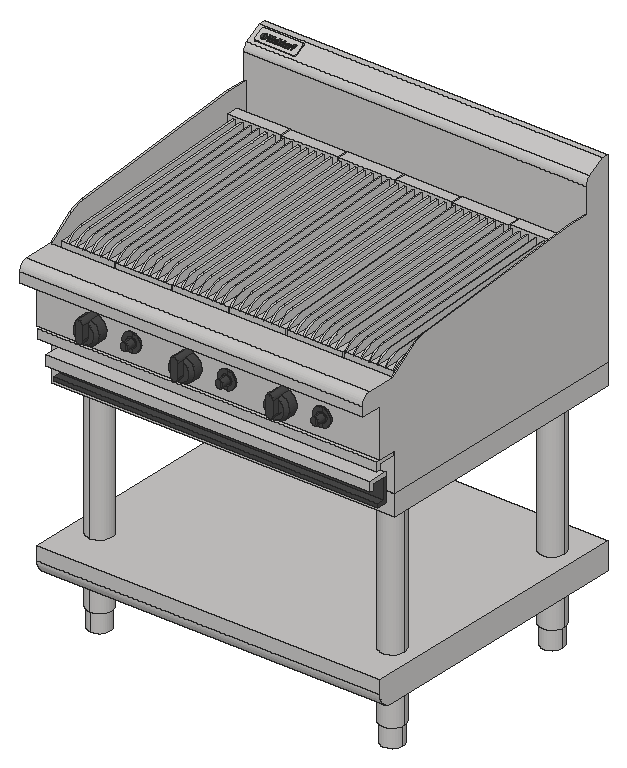
Revit family "QF_MOFFAT WALDORF_CH8900G-LS", category Specialty Equipment, Revit 2012 (continued)
Automatic sketch dimensions
  Extrusion 24 sketch curve to plane 6 "TOP" = 265.155 mm
  Extrusion 24 sketch curve to plane 6 "TOP" = 219.636 mm
  Extrusion 24 sketch curve to Extrusion 24 sketch curve = 52.486 mm
  Extrusion 25 sketch curve to plane 5 "FRONT" = 128 mm
  Extrusion 25 sketch curve to Extrusion 25 sketch curve = 46.148 mm
  Extrusion 25 sketch curve to Extrusion 25 sketch curve = 4.114 mm
  plane 1 "BACK" to Extrusion 25 sketch curve = 132 mm
  Extrusion 25 sketch curve to plane 6 "TOP" = 265.155 mm
  Extrusion 25 sketch curve to plane 6 "TOP" = 219.636 mm
  Extrusion 25 sketch curve to Extrusion 25 sketch curve = 52.486 mm
  Extrusion 26 sketch curve to plane 5 "FRONT" = 128 mm
  Extrusion 26 sketch curve to Extrusion 26 sketch curve = 46.148 mm
  Extrusion 26 sketch curve to Extrusion 26 sketch curve = 4.114 mm
  plane 1 "BACK" to Extrusion 26 sketch curve = 132 mm
  Extrusion 26 sketch curve to plane 6 "TOP" = 265.155 mm
  Extrusion 26 sketch curve to plane 6 "TOP" = 219.636 mm
  Extrusion 26 sketch curve to Extrusion 26 sketch curve = 52.486 mm
  Extrusion 27 sketch curve to plane 5 "FRONT" = 128 mm
  Extrusion 27 sketch curve to Extrusion 27 sketch curve = 46.148 mm
  Extrusion 27 sketch curve to Extrusion 27 sketch curve = 50.262 mm
  plane 1 "BACK" to Extrusion 27 sketch curve = 132 mm
  Extrusion 27 sketch curve to plane 6 "TOP" = 265.155 mm
  Extrusion 27 sketch curve to plane 6 "TOP" = 219.636 mm
  Extrusion 27 sketch curve to Extrusion 27 sketch curve = 52.486 mm
  Extrusion 28 sketch curve to plane 5 "FRONT" = 128 mm
  Extrusion 28 sketch curve to Extrusion 28 sketch curve = 46.148 mm
  Extrusion 28 sketch curve to Extrusion 28 sketch curve = 4.114 mm
  plane 1 "BACK" to Extrusion 28 sketch curve = 132 mm
  Extrusion 28 sketch curve to plane 6 "TOP" = 265.155 mm
  Extrusion 28 sketch curve to plane 6 "TOP" = 219.636 mm
  Extrusion 28 sketch curve to Extrusion 28 sketch curve = 52.486 mm
  Extrusion 29 sketch curve to plane 5 "FRONT" = 128 mm
  Extrusion 29 sketch curve to Extrusion 29 sketch curve = 46.148 mm
  Extrusion 29 sketch curve to Extrusion 29 sketch curve = 50.262 mm
  plane 1 "BACK" to Extrusion 29 sketch curve = 132 mm
  Extrusion 29 sketch curve to plane 6 "TOP" = 265.155 mm
  Extrusion 29 sketch curve to plane 6 "TOP" = 219.636 mm
  Extrusion 29 sketch curve to Extrusion 29 sketch curve = 52.486 mm
  Extrusion 30 sketch curve to plane 5 "FRONT" = 128 mm
  Extrusion 30 sketch curve to Extrusion 30 sketch curve = 46.148 mm
  Extrusion 30 sketch curve to Extrusion 30 sketch curve = 50.262 mm
  plane 1 "BACK" to Extrusion 30 sketch curve = 132 mm
  Extrusion 30 sketch curve to plane 6 "TOP" = 265.155 mm
  Extrusion 30 sketch curve to plane 6 "TOP" = 219.636 mm
  Extrusion 30 sketch curve to Extrusion 30 sketch curve = 52.486 mm
  Extrusion 31 sketch curve to plane 5 "FRONT" = 128 mm
  Extrusion 31 sketch curve to Extrusion 31 sketch curve = 46.148 mm
  Extrusion 31 sketch curve to Extrusion 31 sketch curve = 4.114 mm
  plane 1 "BACK" to Extrusion 31 sketch curve = 132 mm
  Extrusion 31 sketch curve to plane 6 "TOP" = 265.155 mm
  Extrusion 31 sketch curve to plane 6 "TOP" = 219.636 mm
  Extrusion 31 sketch curve to Extrusion 31 sketch curve = 52.486 mm
  Extrusion 32 sketch curve to plane 5 "FRONT" = 128 mm
  Extrusion 32 sketch curve to Extrusion 32 sketch curve = 46.148 mm
  Extrusion 32 sketch curve to Extrusion 32 sketch curve = 50.262 mm
  plane 1 "BACK" to Extrusion 32 sketch curve = 132 mm
  Extrusion 32 sketch curve to plane 6 "TOP" = 265.155 mm
  Extrusion 32 sketch curve to plane 6 "TOP" = 219.636 mm
  Extrusion 32 sketch curve to Extrusion 32 sketch curve = 52.486 mm
  Extrusion 33 sketch curve to plane 5 "FRONT" = 128 mm
  Extrusion 33 sketch curve to Extrusion 33 sketch curve = 46.148 mm
  Extrusion 33 sketch curve to Extrusion 33 sketch curve = 4.114 mm
  plane 1 "BACK" to Extrusion 33 sketch curve = 132 mm
  Extrusion 33 sketch curve to plane 6 "TOP" = 265.155 mm
  Extrusion 33 sketch curve to plane 6 "TOP" = 219.636 mm
  Extrusion 33 sketch curve to Extrusion 33 sketch curve = 52.486 mm
  Extrusion 34 sketch curve to plane 5 "FRONT" = 128 mm
  Extrusion 34 sketch curve to Extrusion 34 sketch curve = 46.148 mm
  Extrusion 34 sketch curve to Extrusion 34 sketch curve = 4.114 mm
  plane 1 "BACK" to Extrusion 34 sketch curve = 132 mm
  Extrusion 34 sketch curve to plane 6 "TOP" = 265.155 mm
  Extrusion 34 sketch curve to Extrusion 34 sketch curve = 45.518 mm
  Extrusion 34 sketch curve to Extrusion 34 sketch curve = 52.486 mm
  Extrusion 35 sketch curve to plane 5 "FRONT" = 128 mm
  Extrusion 35 sketch curve to Extrusion 35 sketch curve = 46.148 mm
  Extrusion 35 sketch curve to Extrusion 35 sketch curve = 50.262 mm
  plane 1 "BACK" to Extrusion 35 sketch curve = 132 mm
  Extrusion 35 sketch curve to plane 6 "TOP" = 265.155 mm
  Extrusion 35 sketch curve to plane 6 "TOP" = 219.636 mm
  Extrusion 35 sketch curve to Extrusion 35 sketch curve = 52.486 mm
  Extrusion 36 sketch curve to plane 5 "FRONT" = 128 mm
  Extrusion 36 sketch curve to Extrusion 36 sketch curve = 46.148 mm
  Extrusion 36 sketch curve to Extrusion 36 sketch curve = 4.114 mm
  plane 1 "BACK" to Extrusion 36 sketch curve = 132 mm
  Extrusion 36 sketch curve to plane 6 "TOP" = 265.155 mm
  Extrusion 36 sketch curve to plane 6 "TOP" = 219.636 mm
  Extrusion 36 sketch curve to Extrusion 36 sketch curve = 52.486 mm
  Extrusion 37 sketch curve to plane 5 "FRONT" = 128 mm
  Extrusion 37 sketch curve to Extrusion 37 sketch curve = 46.148 mm
  Extrusion 37 sketch curve to Extrusion 37 sketch curve = 4.114 mm
  plane 1 "BACK" to Extrusion 37 sketch curve = 132 mm
  Extrusion 37 sketch curve to plane 6 "TOP" = 265.155 mm
  Extrusion 37 sketch curve to plane 6 "TOP" = 219.636 mm
  Extrusion 37 sketch curve to Extrusion 37 sketch curve = 52.486 mm
  Extrusion 38 sketch curve to plane 5 "FRONT" = 128 mm
  Extrusion 38 sketch curve to Extrusion 38 sketch curve = 46.148 mm
  Extrusion 38 sketch curve to Extrusion 38 sketch curve = 50.262 mm
  plane 1 "BACK" to Extrusion 38 sketch curve = 132 mm
  Extrusion 38 sketch curve to plane 6 "TOP" = 265.155 mm
  Extrusion 38 sketch curve to plane 6 "TOP" = 219.636 mm
  Extrusion 38 sketch curve to Extrusion 38 sketch curve = 52.486 mm
  Extrusion 39 sketch curve to plane 5 "FRONT" = 128 mm
  Extrusion 39 sketch curve to Extrusion 39 sketch curve = 46.148 mm
  Extrusion 39 sketch curve to Extrusion 39 sketch curve = 50.262 mm
  plane 1 "BACK" to Extrusion 39 sketch curve = 132 mm
  Extrusion 39 sketch curve to plane 6 "TOP" = 265.155 mm
  Extrusion 39 sketch curve to plane 6 "TOP" = 219.636 mm
  Extrusion 39 sketch curve to Extrusion 39 sketch curve = 52.486 mm
  Extrusion 40 sketch curve to plane 5 "FRONT" = 128 mm
  Extrusion 40 sketch curve to Extrusion 40 sketch curve = 46.148 mm
  Extrusion 40 sketch curve to Extrusion 40 sketch curve = 4.114 mm
  plane 1 "BACK" to Extrusion 40 sketch curve = 132 mm
  Extrusion 40 sketch curve to plane 6 "TOP" = 265.155 mm
  Extrusion 40 sketch curve to plane 6 "TOP" = 219.636 mm
  Extrusion 40 sketch curve to Extrusion 40 sketch curve = 52.486 mm
  plane 1 "BACK" to Extrusion 41 sketch curve = 32 mm
  Extrusion 42 sketch curve to plane 5 "FRONT" = 81 mm
  Extrusion 42 sketch curve to Extrusion 42 sketch curve = 20 mm
  Extrusion 42 sketch curve to Extrusion 42 sketch curve = 18.654 mm
  level to Extrusion 42 sketch curve = 608.047 mm
  Extrusion 42 sketch curve to Extrusion 42 sketch curve = 10 mm
  Extrusion 42 sketch curve to Extrusion 42 sketch curve = 53.75 mm
  Extrusion 43 sketch curve to plane 5 "FRONT" = 53.73 mm
  Extrusion 43 sketch curve to Extrusion 43 sketch curve = 10 mm  (x2)
  Extrusion 43 sketch curve to Extrusion 43 sketch curve = 42.27 mm
  level to Extrusion 43 sketch curve = 711.219 mm
  Extrusion 43 sketch curve to Extrusion 43 sketch curve = 15 mm
  Split face 12 sketch curve to cut or joined group of Extrusion 1, Extrusion 6, Extrusion 7 = 1.25 mm
  Split face 12 sketch curve to cut or joined group of Extrusion 1, Extrusion 6, Extrusion 7 = 24.993 mm
  cut or joined group of Extrusion 1, Extrusion 6, Extrusion 7 to Split face 12 sketch curve = 1.25 mm
  Split face 12 sketch curve to cut or joined group of Extrusion 1, Extrusion 6, Extrusion 7 = 25.12 mm
  Extrusion 44 sketch curve to plane 5 "FRONT" = 53.73 mm
  Extrusion 44 sketch curve to Extrusion 44 sketch curve = 10 mm  (x2)
  Extrusion 44 sketch curve to Extrusion 44 sketch curve = 55.924 mm
  level to Extrusion 44 sketch curve = 656.797 mm
  Extrusion 44 sketch curve to Extrusion 44 sketch curve = 15 mm
  Extrusion 45 sketch curve to plane 5 "FRONT" = 128 mm
  plane 1 "BACK" to Extrusion 45 sketch curve = 132 mm
  Extrusion 45 sketch curve to Extrusion 45 sketch curve = 30 mm
  Extrusion 45 sketch curve to plane 6 "TOP" = 255 mm
  Extrusion 45 sketch curve to Extrusion 45 sketch curve = 35.364 mm
  Extrusion 45 sketch curve to Extrusion 45 sketch curve = 59.636 mm
  Extrusion 46 sketch curve to plane 5 "FRONT" = 128 mm
  plane 1 "BACK" to Extrusion 46 sketch curve = 132 mm
  Extrusion 46 sketch curve to Extrusion 46 sketch curve = 30 mm
  Extrusion 46 sketch curve to plane 6 "TOP" = 255 mm
  Extrusion 46 sketch curve to Extrusion 46 sketch curve = 35.364 mm
  Extrusion 46 sketch curve to Extrusion 46 sketch curve = 59.636 mm
  Extrusion 47 sketch curve to plane 5 "FRONT" = 128 mm
  plane 1 "BACK" to Extrusion 47 sketch curve = 132 mm
  Extrusion 47 sketch curve to Extrusion 47 sketch curve = 30 mm
  Extrusion 47 sketch curve to plane 6 "TOP" = 255 mm
  Extrusion 47 sketch curve to Extrusion 47 sketch curve = 35.364 mm
  Extrusion 47 sketch curve to Extrusion 47 sketch curve = 59.636 mm
  Extrusion 48 sketch curve to plane 5 "FRONT" = 128 mm
  plane 1 "BACK" to Extrusion 48 sketch curve = 132 mm
  Extrusion 48 sketch curve to Extrusion 48 sketch curve = 30 mm
  Extrusion 48 sketch curve to plane 6 "TOP" = 255 mm
  Extrusion 48 sketch curve to Extrusion 48 sketch curve = 35.364 mm
  Extrusion 48 sketch curve to Extrusion 48 sketch curve = 59.636 mm
  Extrusion 49 sketch curve to plane 5 "FRONT" = 128 mm
  Extrusion 49 sketch curve to Extrusion 49 sketch curve = 46.148 mm
  Extrusion 49 sketch curve to Extrusion 49 sketch curve = 50.262 mm
  plane 1 "BACK" to Extrusion 49 sketch curve = 132 mm
  Extrusion 49 sketch curve to plane 6 "TOP" = 265.155 mm
  Extrusion 49 sketch curve to Extrusion 49 sketch curve = 45.518 mm
  Extrusion 49 sketch curve to Extrusion 49 sketch curve = 52.486 mm
  Extrusion 50 sketch curve to plane 5 "FRONT" = 128 mm
  Extrusion 50 sketch curve to Extrusion 50 sketch curve = 46.148 mm
  Extrusion 50 sketch curve to Extrusion 50 sketch curve = 50.262 mm
  plane 1 "BACK" to Extrusion 50 sketch curve = 132 mm
  Extrusion 50 sketch curve to plane 6 "TOP" = 265.155 mm
  Extrusion 50 sketch curve to plane 6 "TOP" = 219.636 mm
  Extrusion 50 sketch curve to Extrusion 50 sketch curve = 52.486 mm
  Extrusion 51 sketch curve to plane 5 "FRONT" = 128 mm
  Extrusion 51 sketch curve to Extrusion 51 sketch curve = 46.148 mm
  Extrusion 51 sketch curve to Extrusion 51 sketch curve = 4.114 mm
  plane 1 "BACK" to Extrusion 51 sketch curve = 132 mm
  Extrusion 51 sketch curve to plane 6 "TOP" = 265.155 mm
  Extrusion 51 sketch curve to plane 6 "TOP" = 219.636 mm
  Extrusion 51 sketch curve to Extrusion 51 sketch curve = 52.486 mm
  Extrusion 52 sketch curve to plane 5 "FRONT" = 128 mm
  Extrusion 52 sketch curve to Extrusion 52 sketch curve = 46.148 mm
  Extrusion 52 sketch curve to Extrusion 52 sketch curve = 4.114 mm
  plane 1 "BACK" to Extrusion 52 sketch curve = 132 mm
  Extrusion 52 sketch curve to plane 6 "TOP" = 265.155 mm
  Extrusion 52 sketch curve to plane 6 "TOP" = 219.636 mm
  Extrusion 52 sketch curve to Extrusion 52 sketch curve = 52.486 mm
  Extrusion 53 sketch curve to plane 5 "FRONT" = 128 mm
  Extrusion 53 sketch curve to Extrusion 53 sketch curve = 46.148 mm
  Extrusion 53 sketch curve to Extrusion 53 sketch curve = 4.114 mm
  plane 1 "BACK" to Extrusion 53 sketch curve = 132 mm
  Extrusion 53 sketch curve to plane 6 "TOP" = 265.155 mm
  Extrusion 53 sketch curve to plane 6 "TOP" = 219.636 mm
  Extrusion 53 sketch curve to Extrusion 53 sketch curve = 52.486 mm
  Extrusion 54 sketch curve to plane 5 "FRONT" = 128 mm
  Extrusion 54 sketch curve to Extrusion 54 sketch curve = 46.148 mm
  Extrusion 54 sketch curve to Extrusion 54 sketch curve = 4.114 mm
  plane 1 "BACK" to Extrusion 54 sketch curve = 132 mm
  Extrusion 54 sketch curve to plane 6 "TOP" = 265.155 mm
  Extrusion 54 sketch curve to plane 6 "TOP" = 219.636 mm
  Extrusion 54 sketch curve to Extrusion 54 sketch curve = 52.486 mm
  Extrusion 55 sketch curve to plane 5 "FRONT" = 128 mm
  Extrusion 55 sketch curve to Extrusion 55 sketch curve = 46.148 mm
  Extrusion 55 sketch curve to Extrusion 55 sketch curve = 4.114 mm
  plane 1 "BACK" to Extrusion 55 sketch curve = 132 mm
  Extrusion 55 sketch curve to plane 6 "TOP" = 265.155 mm
  Extrusion 55 sketch curve to plane 6 "TOP" = 219.636 mm
  Extrusion 55 sketch curve to Extrusion 55 sketch curve = 52.486 mm
  Extrusion 56 sketch curve to plane 5 "FRONT" = 128 mm
  plane 1 "BACK" to Extrusion 56 sketch curve = 132 mm
  Extrusion 56 sketch curve to Extrusion 56 sketch curve = 30 mm
  Extrusion 56 sketch curve to plane 6 "TOP" = 255 mm
  Extrusion 56 sketch curve to Extrusion 56 sketch curve = 35.364 mm
  Extrusion 56 sketch curve to Extrusion 56 sketch curve = 59.636 mm
  Extrusion 57 sketch curve to plane 5 "FRONT" = 128 mm
  Extrusion 57 sketch curve to Extrusion 57 sketch curve = 46.148 mm
  Extrusion 57 sketch curve to Extrusion 57 sketch curve = 50.262 mm
  plane 1 "BACK" to Extrusion 57 sketch curve = 132 mm
  Extrusion 57 sketch curve to plane 6 "TOP" = 265.155 mm
  Extrusion 57 sketch curve to Extrusion 57 sketch curve = 45.518 mm
  Extrusion 57 sketch curve to Extrusion 57 sketch curve = 52.486 mm
  Extrusion 58 sketch curve to plane 5 "FRONT" = 128 mm
  Extrusion 58 sketch curve to Extrusion 58 sketch curve = 46.148 mm
  Extrusion 58 sketch curve to Extrusion 58 sketch curve = 50.262 mm
  plane 1 "BACK" to Extrusion 58 sketch curve = 132 mm
  Extrusion 58 sketch curve to plane 6 "TOP" = 265.155 mm
  Extrusion 58 sketch curve to plane 6 "TOP" = 219.636 mm
  Extrusion 58 sketch curve to Extrusion 58 sketch curve = 52.486 mm
  Extrusion 59 sketch curve to plane 5 "FRONT" = 128 mm
  Extrusion 59 sketch curve to Extrusion 59 sketch curve = 46.148 mm
  Extrusion 59 sketch curve to Extrusion 59 sketch curve = 4.114 mm
  plane 1 "BACK" to Extrusion 59 sketch curve = 132 mm
  Extrusion 59 sketch curve to plane 6 "TOP" = 265.155 mm
  Extrusion 59 sketch curve to plane 6 "TOP" = 219.636 mm
  Extrusion 59 sketch curve to Extrusion 59 sketch curve = 52.486 mm
  Extrusion 60 sketch curve to plane 5 "FRONT" = 128 mm
  Extrusion 60 sketch curve to Extrusion 60 sketch curve = 46.148 mm
  Extrusion 60 sketch curve to Extrusion 60 sketch curve = 4.114 mm
  plane 1 "BACK" to Extrusion 60 sketch curve = 132 mm
  Extrusion 60 sketch curve to plane 6 "TOP" = 265.155 mm
  Extrusion 60 sketch curve to plane 6 "TOP" = 219.636 mm
  Extrusion 60 sketch curve to Extrusion 60 sketch curve = 52.486 mm
  Extrusion 61 sketch curve to plane 5 "FRONT" = 128 mm
  Extrusion 61 sketch curve to Extrusion 61 sketch curve = 46.148 mm
  Extrusion 61 sketch curve to Extrusion 61 sketch curve = 4.114 mm
  plane 1 "BACK" to Extrusion 61 sketch curve = 132 mm
  Extrusion 61 sketch curve to plane 6 "TOP" = 265.155 mm
  Extrusion 61 sketch curve to plane 6 "TOP" = 219.636 mm
  Extrusion 61 sketch curve to Extrusion 61 sketch curve = 52.486 mm
  Extrusion 62 sketch curve to plane 5 "FRONT" = 128 mm
  Extrusion 62 sketch curve to Extrusion 62 sketch curve = 46.148 mm
  Extrusion 62 sketch curve to Extrusion 62 sketch curve = 4.114 mm
  plane 1 "BACK" to Extrusion 62 sketch curve = 132 mm
  Extrusion 62 sketch curve to plane 6 "TOP" = 265.155 mm
  Extrusion 62 sketch curve to plane 6 "TOP" = 219.636 mm
  Extrusion 62 sketch curve to Extrusion 62 sketch curve = 52.486 mm
  Extrusion 63 sketch curve to plane 5 "FRONT" = 128 mm
  Extrusion 63 sketch curve to Extrusion 63 sketch curve = 46.148 mm
  Extrusion 63 sketch curve to Extrusion 63 sketch curve = 4.114 mm
  plane 1 "BACK" to Extrusion 63 sketch curve = 132 mm
  Extrusion 63 sketch curve to plane 6 "TOP" = 265.155 mm
  Extrusion 63 sketch curve to plane 6 "TOP" = 219.636 mm
  Extrusion 63 sketch curve to Extrusion 63 sketch curve = 52.486 mm
  Extrusion 64 sketch curve to plane 5 "FRONT" = 128 mm
  plane 1 "BACK" to Extrusion 64 sketch curve = 132 mm
  Extrusion 64 sketch curve to Extrusion 64 sketch curve = 30 mm
  Extrusion 64 sketch curve to plane 6 "TOP" = 255 mm
  Extrusion 64 sketch curve to Extrusion 64 sketch curve = 35.364 mm
  Extrusion 64 sketch curve to Extrusion 64 sketch curve = 59.636 mm
  Extrusion 1 to Split face 13 sketch curve = 1.962 mm
  Split face 13 sketch curve to Extrusion 1 = 14.14 mm
  Split face 13 sketch curve to Extrusion 1 = 426.534 mm
  Split face 13 sketch curve to Split face 13 sketch curve = 20 mm
  Extrusion 1 to Split face 14 sketch curve = 1.962 mm
  Split face 14 sketch curve to Extrusion 1 = 14.14 mm
  Split face 14 sketch curve to Extrusion 1 = 446.466 mm
  Split face 14 sketch curve to Split face 14 sketch curve = 20 mm
  Extrusion 1 to Split face 15 sketch curve = 1.962 mm
  Split face 15 sketch curve to Extrusion 1 = 14.14 mm
  Split face 15 sketch curve to Extrusion 1 = 419.466 mm
  Split face 15 sketch curve to Split face 15 sketch curve = 20 mm
  Extrusion 1 to Split face 16 sketch curve = 1.962 mm
  Split face 16 sketch curve to Extrusion 1 = 14.14 mm
  Split face 16 sketch curve to Extrusion 1 = 392.466 mm
  Split face 16 sketch curve to Split face 16 sketch curve = 20 mm
  Extrusion 1 to Split face 17 sketch curve = 1.962 mm
  Split face 17 sketch curve to Extrusion 1 = 14.14 mm
  Split face 17 sketch curve to Extrusion 1 = 365.466 mm
  Split face 17 sketch curve to Split face 17 sketch curve = 20 mm
  Extrusion 1 to Split face 18 sketch curve = 1.962 mm
  Split face 18 sketch curve to Extrusion 1 = 14.14 mm
  Split face 18 sketch curve to Extrusion 1 = 338.466 mm
  Split face 18 sketch curve to Split face 18 sketch curve = 20 mm
  Extrusion 1 to Split face 19 sketch curve = 1.962 mm
  Split face 19 sketch curve to Extrusion 1 = 14.14 mm
  Split face 19 sketch curve to Extrusion 1 = 311.466 mm
  Split face 19 sketch curve to Split face 19 sketch curve = 20 mm
  Extrusion 1 to Split face 20 sketch curve = 1.962 mm
  Split face 20 sketch curve to Extrusion 1 = 14.14 mm
  Split face 20 sketch curve to Extrusion 1 = 284.466 mm
  Split face 20 sketch curve to Split face 20 sketch curve = 20 mm
  Extrusion 1 to Split face 21 sketch curve = 1.962 mm
  Split face 21 sketch curve to Extrusion 1 = 14.14 mm
  Split face 21 sketch curve to Extrusion 1 = 257.466 mm
  Split face 21 sketch curve to Split face 21 sketch curve = 20 mm
  Extrusion 1 to Split face 22 sketch curve = 1.962 mm
  Split face 22 sketch curve to Extrusion 1 = 14.14 mm
  Split face 22 sketch curve to Extrusion 1 = 230.466 mm
  Split face 22 sketch curve to Split face 22 sketch curve = 20 mm
  Extrusion 1 to Split face 23 sketch curve = 1.962 mm
  Split face 23 sketch curve to Extrusion 1 = 14.14 mm
  Split face 23 sketch curve to Extrusion 1 = 203.466 mm
  Split face 23 sketch curve to Split face 23 sketch curve = 20 mm
  Extrusion 1 to Split face 24 sketch curve = 1.962 mm
  Split face 24 sketch curve to Extrusion 1 = 14.14 mm
  Split face 24 sketch curve to Extrusion 1 = 176.466 mm
  Split face 24 sketch curve to Split face 24 sketch curve = 20 mm
  Extrusion 1 to Split face 25 sketch curve = 1.962 mm
  Split face 25 sketch curve to Extrusion 1 = 14.14 mm
  Split face 25 sketch curve to Extrusion 1 = 149.466 mm
  Split face 25 sketch curve to Split face 25 sketch curve = 20 mm
  Revolve 65 sketch curve to plane 5 "FRONT" = 12 mm
  Revolve 65 sketch curve to Revolve 65 sketch curve = 0 mm  (x2)
  Revolve 65 sketch curve to Revolve 65 sketch curve = 11 mm
  Revolve 65 sketch curve to Revolve 65 sketch curve = 12.7 mm
  Revolve 65 sketch curve to Revolve 65 sketch curve = 23 mm
  Revolve 65 sketch curve to Revolve 65 sketch curve = 10 mm
  Revolve 65 sketch curve to plane 6 "TOP" = 300.5 mm
  Revolve 65 sketch curve to Revolve 65 sketch curve = 5.849 mm
  Revolve 65 sketch curve to Revolve 65 sketch curve = 27.5 mm
  Revolve 65 sketch curve to Revolve 65 sketch curve = 5 mm
  plane 7 "Center Y" to Extrusion 66 sketch curve = 218.056 mm
  Extrusion 66 sketch curve to Extrusion 66 sketch curve = 10 mm
  Extrusion 66 sketch curve to plane 6 "TOP" = 306 mm
  Extrusion 66 sketch curve to Extrusion 66 sketch curve = 35 mm
  Revolve 67 sketch curve to plane 5 "FRONT" = 20.12 mm
  Revolve 67 sketch curve to Revolve 67 sketch curve = 6.83 mm
  Revolve 67 sketch curve to Revolve 67 sketch curve = 15.2 mm
  Revolve 67 sketch curve to Revolve 67 sketch curve = 1.144 mm
  Revolve 67 sketch curve to Revolve 67 sketch curve = 3.85 mm
  Revolve 67 sketch curve to Revolve 67 sketch curve = 0 mm  (x2)
  Revolve 67 sketch curve to Revolve 67 sketch curve = 10 mm
  level to Revolve 67 sketch curve = 797 mm
  Revolve 67 sketch curve to Revolve 67 sketch curve = 5 mm
  Revolve 67 sketch curve to Revolve 67 sketch curve = 4.825 mm
  Revolve 67 sketch curve to Revolve 67 sketch curve = 3.025 mm
  Revolve 67 sketch curve to Revolve 67 sketch curve = 11.15 mm
  Extrusion 1 sketch curve to Extrusion 1 sketch curve = 38 mm
  level to Extrusion 1 sketch curve = 150 mm
  Extrusion 1 sketch curve to Extrusion 1 sketch curve = 34.5 mm
  Revolve 2 sketch curve to level = 0 mm
  level to Revolve 2 sketch curve = 50 mm
  Revolve 2 sketch curve to Revolve 2 sketch curve = 0 mm
  Revolve 2 sketch curve to Revolve 2 sketch curve = 100 mm
  level to Revolve 2 sketch curve = 222.5 mm
  Revolve 2 sketch curve to Revolve 2 sketch curve = 362.5 mm
  Revolve 2 sketch curve to Revolve 2 sketch curve = 55 mm
  plane 4 "RIGHT" to Revolve 2 sketch curve = 97.25 mm
  plane 4 "RIGHT" to Revolve 2 sketch curve = 65.5 mm
  Revolve 3 sketch curve to level = 0 mm
  level to Revolve 3 sketch curve = 50 mm
  Revolve 3 sketch curve to Revolve 3 sketch curve = 0 mm
  Revolve 3 sketch curve to Revolve 3 sketch curve = 172.5 mm
  Revolve 3 sketch curve to Revolve 3 sketch curve = 435 mm
  Revolve 3 sketch curve to Revolve 3 sketch curve = 55 mm
  plane 4 "RIGHT" to Revolve 3 sketch curve = 65.5 mm
  Revolve 3 sketch curve to Revolve 3 sketch curve = 72.5 mm
  Revolve 3 sketch curve to Revolve 3 sketch curve = 31.75 mm
  Revolve 4 sketch curve to level = 0 mm
  Revolve 4 sketch curve to plane 5 "FRONT" = 180 mm
  level to Revolve 4 sketch curve = 50 mm
  Revolve 4 sketch curve to Revolve 4 sketch curve = 0 mm  (x2)
  Revolve 4 sketch curve to Revolve 4 sketch curve = 27.5 mm
  Revolve 4 sketch curve to Revolve 4 sketch curve = 31.75 mm  (x2)
  Revolve 4 sketch curve to plane 5 "FRONT" = 148.25 mm
  Revolve 4 sketch curve to Revolve 4 sketch curve = 55 mm
  Revolve 4 sketch curve to Revolve 4 sketch curve = 100 mm
  Revolve 4 sketch curve to Revolve 4 sketch curve = 72.5 mm
  Revolve 4 sketch curve to Revolve 4 sketch curve = 362.5 mm
  Revolve 5 sketch curve to level = 0 mm
  plane 1 "BACK" to Revolve 5 sketch curve = 100 mm  (x2)
  level to Revolve 5 sketch curve = 50 mm
  Revolve 5 sketch curve to Revolve 5 sketch curve = 27.5 mm
  Revolve 5 sketch curve to Revolve 5 sketch curve = 31.75 mm  (x2)
  plane 1 "BACK" to Revolve 5 sketch curve = 131.75 mm
  Revolve 5 sketch curve to Revolve 5 sketch curve = 55 mm
  Revolve 5 sketch curve to Revolve 5 sketch curve = 0 mm
  Revolve 5 sketch curve to Revolve 5 sketch curve = 100 mm
  Revolve 5 sketch curve to Revolve 5 sketch curve = 72.5 mm
  Revolve 5 sketch curve to Revolve 5 sketch curve = 362.5 mm
  radius of Extrusion 41 sketch curve = 13.5 mm
Nested families
  nested 1: "WALDORF LOGO_FACE BASE" at (12.5, -23.079, 1126.202) x (1, 0, 0) z (0, -0.5, 0.866), visible <- "Show Logo", type "WALDORF LOGO_FACE BASE", detail levels medium+fine
    with Show Logo yes
Connectors
  piping at (216, -32, 555)
    settings: on Extrusion 41, index 1, connector radius 0.37402", flow factor 0, pipe flow 0 GPM, pressure drop 0.00 psi, fitting loss kfactor 0, connector angle 0.00°, fixture units 0, engagement length 0 mm, flow configuration 1, flow direction 1, fitting loss method 0, system type 7, joint type 0, gender type 0, connector reference index -1, connector utility 0, adjustable connector no, is connector primary yes, fitting loss table "", connector description "GAS CONNECTION"
Definition of nested family "WALDORF LOGO_FACE BASE"
  Parameters (values of type "WALDORF LOGO_FACE BASE")
    Show Logo [instance] = yes
    Default Elevation = 1219.2 mm
  Reference planes
    plane 1 "Center (Front/Back)": y = 0
    plane 2: z = 0
    plane 3 "Center (Left/Right)": x = 0
  Forms (mm)
    Extrusion 1, solid
      sketch origin (0, 0, 0) x (1, 0, 0) y (0, 1, 0)
        loop
          line (-1219.2, 1219.2) -> (-1219.2, -1219.2) -> (1219.2, -1219.2) -> (1219.2, 1219.2) -> (-1219.2, 1219.2)
      from 0 to -304.8
    Extrusion 2, solid, material "QF_Finishes_Stainless Steel", visible <- "Show Logo"
      sketch origin (0, -33.217, 0) x (1, 0, 0) y (0, 1, 0)
        loop
          arc (5, 34.14) -> (1.464, 32.676) -> (0, 29.14) r 5
          line (0, 29.14) -> (0, 5)
          arc (0, 5) -> (1.464, 1.464) -> (5, 0) r 5
          line (5, 0) -> (104, 0)
          arc (104, 0) -> (107.536, 1.464) -> (109, 5) r 5
          line (109, 5) -> (109, 29.14)
          arc (109, 29.14) -> (107.536, 32.676) -> (104, 34.14) r 5
          line (104, 34.14) -> (5, 34.14)
      from 0 to 1.588
    Extrusion 3, solid, material "QF_Finishes_Black", visible <- "Show Logo"
      sketch origin (0, -33.217, 1.588) x (1, 0, 0) y (0, 1, 0)
        loop
          line (24.772, 23.214) -> (27.992, 10.301) -> (31.551, 10.301) -> (33.443, 17.364) -> (35.205, 10.301) -> (39.332, 10.301) -> (42.077, 23.214) -> (38.352, 23.214) -> (36.676, 15.33) -> (35, 23.214) -> (31.752, 23.214) -> (30.076, 15.33) -> (28.4, 23.214) -> (24.772, 23.214)
        loop
          line (42.272, 17.055) -> (45.703, 17.055)
          spline (45.703, 17.055) -> (45.741, 17.285) -> (45.852, 17.499) -> (46.028, 17.682) -> (46.258, 17.823) -> (46.526, 17.912) -> (46.813, 17.942) -> (47.1, 17.912) -> (47.368, 17.823) -> (47.597, 17.682) -> (47.774, 17.499) -> (47.884, 17.285) -> (47.922, 17.055)
          line (47.922, 17.055) -> (47.922, 16.222)
          arc (47.922, 16.222) -> (45.742, 16.014) -> (43.665, 15.317) r 9.604
          arc (43.665, 15.317) -> (41.924, 12.809) -> (43.665, 10.301) r 2.677
          arc (43.665, 10.301) -> (45.527, 10.353) -> (47.332, 10.816) r 8.365
          line (47.332, 10.816) -> (48.092, 11.105) -> (48.092, 10.301) -> (51.817, 10.301) -> (51.817, 17.055)
          spline (51.817, 17.055) -> (51.654, 17.821) -> (51.178, 18.535) -> (50.419, 19.148) -> (49.431, 19.619) -> (48.28, 19.914) -> (47.044, 20.015) -> (45.809, 19.914) -> (44.658, 19.619) -> (43.67, 19.148) -> (42.911, 18.535) -> (42.434, 17.821) -> (42.272, 17.055)
        loop
          line (53.151, 23.214) -> (53.151, 10.301) -> (57.37, 10.301) -> (57.37, 23.214) -> (53.151, 23.214)
        loop
          line (64.874, 23.214) -> (64.874, 18.857)
          arc (64.874, 18.857) -> (58.083, 15.11) -> (64.874, 11.363) r 4.429
          line (64.874, 11.363) -> (64.874, 10.301) -> (68.378, 10.301) -> (68.378, 23.214) -> (64.874, 23.214)
        loop
          arc (64.874, 16.083) -> (61.41, 14.987) -> (64.874, 13.891) r 1.905
          line (64.874, 13.891) -> (64.874, 16.083)
        loop
          circle (74.623, 15.223) r 5
        loop
          spline (74.623, 17.856) -> (74.355, 17.766) -> (74.105, 17.503) -> (73.891, 17.084) -> (73.726, 16.539) -> (73.623, 15.904) -> (73.588, 15.223) -> (73.623, 14.541) -> (73.726, 13.906) -> (73.891, 13.361) -> (74.105, 12.942) -> (74.355, 12.679) -> (74.623, 12.59)
          spline (74.623, 12.59) -> (74.891, 12.679) -> (75.141, 12.942) -> (75.355, 13.361) -> (75.52, 13.906) -> (75.623, 14.541) -> (75.659, 15.223) -> (75.623, 15.904) -> (75.52, 16.539) -> (75.355, 17.084) -> (75.141, 17.503) -> (74.891, 17.766) -> (74.623, 17.856)
        loop
          line (81.255, 19.813) -> (81.255, 10.301) -> (84.834, 10.301) -> (84.834, 14.176)
          arc (84.834, 14.176) -> (85.854, 16.093) -> (88.013, 16.32) r 2.313
          line (88.013, 16.32) -> (88.013, 19.813) -> (87.161, 19.813)
          arc (87.161, 19.813) -> (85.526, 19.266) -> (84.549, 17.844) r 2.717
          line (84.549, 17.844) -> (84.549, 19.813) -> (81.255, 19.813)
        loop
          line (90.249, 19.813) -> (88.91, 19.813) -> (88.91, 17.614) -> (90.249, 17.614) -> (90.249, 10.301) -> (93.998, 10.301) -> (93.998, 17.614) -> (95.418, 17.614) -> (95.418, 19.813) -> (93.998, 19.813)
          arc (93.998, 19.813) -> (94.414, 20.817) -> (95.418, 21.233) r 1.42
          line (95.418, 21.233) -> (95.418, 23.602) -> (93.317, 23.602)
          arc (93.317, 23.602) -> (91.343, 22.903) -> (90.249, 21.118) r 3.137
          line (90.249, 21.118) -> (90.249, 19.813)
        loop
          arc (15.241, 23.571) -> (8.392, 16.525) -> (15.241, 9.479) r 7.049
          line (15.241, 9.479) -> (15.241, 23.571)
        loop
          line (15.641, 23.571) -> (15.641, 9.479)
          arc (15.641, 9.479) -> (22.49, 16.525) -> (15.641, 23.571) r 7.049
        loop
          arc (47.922, 14.711) -> (46.266, 13.749) -> (47.922, 12.787) r 1.107
          line (47.922, 12.787) -> (47.922, 14.711)
      from 0 to 0.2
  Dimensions and locks
    aligned and locked: plane 2 to Extrusion 1
    aligned and locked: level to Extrusion 1
